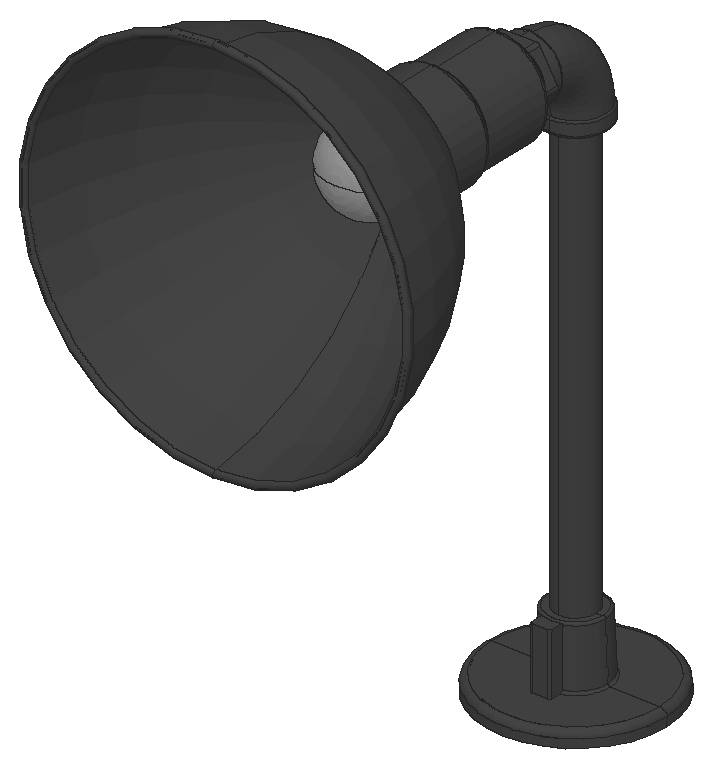
Revit family "BLE-G-DBW-G14-E26", category Lighting Fixtures, host Face, Revit 2022
Family settings
  Host = Face
  Round Connector Dimension = Use Diameter
  Part Type = Normal
  Cut with Voids When Loaded = No
  Light Source = Yes
  Maintain Annotation Orientation = No
  Shared = No
  Room Calculation Point = No
Parameters (values of type "10"")
  Wattage = 5.72229 W
  built-in parameter 1150110 = 1 (stored number, unit not read)
  built-in parameter 1114217 = 1 (stored number, unit not read)
  Tilt Angle = 0.00°
  built-in parameter 1150109 = 1 (stored number, unit not read)
  built-in parameter 1150134 = (empty or 0)
  built-in parameter 1150113 = 1 (stored number, unit not read)
  Gooseneck Material = 100 - Black
  Shade Material = 100 - Black
  Photometric Web File = "generic"
  built-in parameter 1150142 = (empty or 0)
  built-in parameter 1150105 = 67.641 (stored number, unit not read)
  Lumens = 850 lm
  built-in parameter 1150115 = 1 (stored number, unit not read)
  built-in parameter 1150137 = (empty or 0)
  built-in parameter 1150139 = (empty or 0)
  built-in parameter 1150112 = 1 (stored number, unit not read)
  built-in parameter 1150114 = 1 (stored number, unit not read)
  built-in parameter 1150132 = 2
  built-in parameter 1150102 = (empty or 0)
  built-in parameter 1150107 = 3000 (stored number, unit not read)
  built-in parameter 1150138 = (empty or 0)
  built-in parameter 1150106 = 0.67641 (stored number, unit not read)
  24" = no
  built-in parameter 1150104 = 13.8 (stored number, unit not read)
  20" = no
  Dimming Lamp Color Temperature Shift = <None>
  Default Elevation = 4' - 0"
  Color Filter = 16777215
  Base Material = 100 - Black
  built-in parameter 1114218 = 1 (stored number, unit not read)
  built-in parameter 1150133 = 10 (stored number, unit not read)
  16" = no
  14" = no
  12" = no
  10" = yes
Types (7): name | 24" | 20" | 16" | 14" | 12" | 10"
  (no name) | no | no | no | no | no | yes
  12" | no | no | no | no | yes | no
  14" | no | no | no | yes | no | no
  16" | no | no | yes | no | no | no
  10" | no | no | no | no | no | yes
  20" | no | yes | no | no | no | no
  24" | yes | no | no | no | no | no
Reference planes (in)
  plane 1 "Center (Front/Back)": y = 0
  plane 2: z = 0
  plane 3 "Center (Left/Right)": x = 0
Lines and regions (in)
  reference lines
    curve 1: line (0, 32, 0) -> (0, -36, 0)
    curve 2: line (-33.11947, 0, 0) -> (37.88053, 0, 0)
Dimensions and locks (in)
  locked: plane 1 "Center (Front/Back)" to imposter light at 6.5
  aligned and locked: plane 2 to host face
  aligned and locked: level to host face
  aligned and locked: plane 3 "Center (Left/Right)" to nested 1
  aligned and locked: plane 1 "Center (Front/Back)" to nested 1
  aligned and locked: nested 4 to imposter light
  aligned and locked: imposter light to nested 6  (x2)
  aligned and locked: nested 7 to nested 3
  aligned and locked: imposter light to plane 3 "Center (Left/Right)"
  aligned and locked: plane 1 "Center (Front/Back)" to nested 2
  aligned and locked: imposter light to nested 3  (x2)
  aligned and locked: imposter light to nested 7
  aligned and locked: nested 5 to imposter light  (x2)
Nested families (in)
  nested 1: "WBP-7501" at (0, 0, 0), type "WBP-7501"
  nested 2: "G14" at (0, 0, 1.975), type "GNK-5011"
  nested 3: "DBW Shade" at (0, -2.46318, 14.91375) x (0, 0, -1) z (0, -1, 0), type "DBW Shade"
    with 24" no, 20" no, 16" no, 14" no, 12" no
  nested 4: "103264" at (0, -3.60156, 14.91375) x (0, 0, -1) z (0, -1, 0), type "103264"
    with Heat Sink 9" no
  nested 5: "CPL-0004" at (0, -1.813, 14.91375) x (1, 0, 0) z (0, -1, 0), type "CPL-0004"
  nested 6: "E26 Socket Assy" at (0, -2.50224, 14.91375) x (0, 0, -1) z (0, -1, 0), type "E26 Socket Assy"
  nested 7: "E26 Bulb" at (0, -4.75723, 14.91375) x (1, 0, 0) z (0, -1, 0), type "E26 Bulb"
Connectors (in)
  electrical at (0, 0, 0)
    settings: index 1, voltage 0 V, apparent load 0 VA, apparent load phase1 0 VA, apparent load phase2 0 VA, apparent load phase3 0 VA, power factor 1, load classification "Other", number of poles 1, system type 31, power factor state 1, is connector primary yes, connector utility no, sub classification motor no, connector description ""
Definition of nested family "WBP-7501"
  Parameters (values of type "WBP-7501")
    Default Elevation = 3' - 0"
    Base Material = none
  Reference planes (in)
    plane 1 "Center (Front/Back)": y = 0
    plane 2: z = 0
    plane 3 "Center (Left/Right)": x = 0
    plane 4 "Base Dia": x = -2.325
    plane 5 "Base Height": z = 0.4
    plane 6 "Fillet Radius": z = 0.225
    plane 7: z = 0.458
    plane 8: x = -0.87
    plane 9: x = -0.81
    plane 10: x = -0.76
    plane 11: z = 1.917
    plane 12: z = 1.975
    plane 13: x = -0.7
    plane 14: x = -0.2595
    plane 15: x = 0.2595
    plane 16: y = -1.135
  Forms (in)
    Extrusion 1, solid
      sketch origin (0, 0, 0) x (1, 0, 0) y (0, 1, 0)
        loop
          line (-48, 48) -> (-48, -48) -> (48, -48) -> (48, 48) -> (-48, 48)
      from 0 to -12
    Revolve 2, solid, material <- "Base Material"
      sketch origin (0, 0, 0) x (1, 0, 0) y (0, 0, 1)
        loop
          line (0, 0) -> (0, 1.975) -> (-0.7, 1.975)
          arc (-0.7, 1.975) -> (-0.74172, 1.95814) -> (-0.76, 1.91702) r 0.06003
          line (-0.76, 1.91702) -> (-0.81, 0.458)
          arc (-0.81, 0.458) -> (-0.82699, 0.41699) -> (-0.868, 0.4) r 0.058
          line (-0.868, 0.4) -> (-2.15, 0.4)
          arc (-2.15, 0.4) -> (-2.27374, 0.34874) -> (-2.325, 0.225) r 0.175
          line (-2.325, 0.225) -> (-2.325, 0) -> (0, 0)
        axis (0, 0) -> (0, 1.975)
      angle from 0 to 360
    Extrusion 3, solid, material <- "Base Material"
      sketch origin (0, 0, 0) x (1, 0, 0) y (0, 1, 0)
        loop
          line (-0.2595, -0.76731) -> (-0.2595, -1.075)
          arc (-0.2595, -1.075) -> (-0.24193, -1.11743) -> (-0.1995, -1.135) r 0.06
          line (-0.1995, -1.135) -> (0.1995, -1.135)
          arc (0.1995, -1.135) -> (0.24193, -1.11743) -> (0.2595, -1.075) r 0.06
          line (0.2595, -1.075) -> (0.2595, -0.76731)
          arc (0.2595, -0.76731) -> (0, -0.81) -> (-0.2595, -0.76731) r 0.81
      from 0 to 1.975
  Cuts and joins
    joined: Revolve 2, Extrusion 3
  Dimensions and locks (in)
    plane 4 "Base Dia" to plane 3 "Center (Left/Right)" = 0' - 2.325"
    locked: plane 5 "Base Height" to Extrusion 1 at 0.4
    locked: plane 3 "Center (Left/Right)" to plane 4 "Base Dia" at 2.325
    locked: plane 5 "Base Height" to plane 6 "Fillet Radius" at 0.175
    locked: plane 3 "Center (Left/Right)" to plane 9 at 0.81
    locked: plane 3 "Center (Left/Right)" to plane 8 at 0.87
    locked: plane 3 "Center (Left/Right)" to plane 10 at 0.76
    locked: plane 3 "Center (Left/Right)" to plane 13 at 0.7
    locked: plane 11 to plane 5 "Base Height" at 1.517
    locked: plane 12 to plane 5 "Base Height" at 1.575
    locked: plane 7 to plane 5 "Base Height" at 0.058
    locked: plane 14 to plane 3 "Center (Left/Right)" at 0.2595
    locked: plane 3 "Center (Left/Right)" to plane 15 at 0.2595
    locked: plane 16 to plane 1 "Center (Front/Back)" at 1.135
    radius of Revolve 2 sketch curve = 0' - 0.175"
    aligned and locked: plane 2 to Extrusion 1
    aligned and locked: level to Extrusion 1
    aligned and locked: Revolve 2 sketch curve to plane 5 "Base Height"
    aligned and locked: plane 9 to Revolve 2 sketch curve
    aligned and locked: plane 3 "Center (Left/Right)" to Revolve 2 sketch curve
    aligned and locked: plane 15 to Extrusion 3 sketch curve
    aligned and locked: Extrusion 3 sketch curve to plane 16
    aligned and locked: Extrusion 3 sketch curve to plane 14
  Automatic sketch dimensions
    Extrusion 1 sketch curve to Extrusion 1 sketch curve = 8' - 0"  (x2)
    Revolve 2 sketch curve to level = 0' - 0"
    Revolve 2 sketch curve to plane 4 "Base Dia" = 0' - 0"
    Revolve 2 sketch curve to plane 7 = 0' - 0"  (x2)
    plane 10 to Revolve 2 sketch curve = 0' - 0"
    Revolve 2 sketch curve to plane 12 = 0' - 0"
    Revolve 2 sketch curve to plane 13 = 0' - 0"
    Revolve 2 sketch curve to plane 3 "Center (Left/Right)" = 0' - 0"
    Revolve 2 sketch curve to Revolve 2 sketch curve = 0' - 0.22742"
    Revolve 2 sketch curve to Revolve 2 sketch curve = 0' - 1.76377"
    plane 1 "Center (Front/Back)" to Extrusion 3 sketch curve = 0' - 0"
    Extrusion 3 sketch curve to plane 3 "Center (Left/Right)" = 0' - 0"
    plane 14 to Extrusion 3 sketch curve = 0' - 0.06"
    Extrusion 3 sketch curve to plane 15 = 0' - 0.06"
    Extrusion 3 sketch curve to Extrusion 3 sketch curve = 0' - 0.30769"
Definition of nested family "G14"
  Parameters (values of type "G14")
    Gooseneck Material = none
    Default Elevation = 2' - 0"
  Reference planes (in)
    plane 1 "Center (Front/Back)": y = 0
    plane 2: z = 0
    plane 3 "Center (Left/Right)": x = 0
    plane 4 "Wood Height": z = 0
  Forms (in)
    Extrusion 1, solid
      sketch origin (0, 0, 0) x (1, 0, 0) y (0, 1, 0)
        loop
          line (-48, 48) -> (-48, -48) -> (48, -48) -> (48, 48) -> (-48, 48)
      from 0 to -12
  Dimensions and locks (in)
    aligned and locked: plane 2 to Extrusion 1
    aligned and locked: level to Extrusion 1
    aligned and locked: Extrusion 1 to plane 4 "Wood Height"
    aligned and locked: plane 3 "Center (Left/Right)" to nested 1
    aligned and locked: plane 1 "Center (Front/Back)" to nested 1
    aligned and locked: plane 3 "Center (Left/Right)" to nested 2
    aligned and locked: plane 1 "Center (Front/Back)" to nested 2
  Nested families (in)
    nested 1: "GNK-7514" at (0, 0, 0), type "GNK-7514"
    nested 2: "APF-750X" at (0, 0, 11.12575) x (-1, 0, 0) z (0, 0, 1), type "APF-750X"
  Definition of nested family "GNK-7514"
    Parameters (values of type "GNK-7514")
      Gooseneck Material = none
      Default Elevation = 2' - 0"
    Reference planes (in)
      plane 1 "Center (Front/Back)": y = 0
      plane 2: z = -0.0015
      plane 3 "Center (Left/Right)": x = 0
      plane 4 "Wood Height": z = -0.0015
    Forms (in)
      Extrusion 1, solid
        sketch origin (0, 0, 0) x (1, 0, 0) y (0, 1, 0)
          loop
            line (-48, 48) -> (-48, -48) -> (48, -48) -> (48, 48) -> (-48, 48)
        from -0.0015 to -12
      Sweep 2, solid, material <- "Gooseneck Material"
        path origin (0, 0, 0) x (0, 1, 0) y (0, 0, 1)
          loop
            line (0, -0.0015) -> (0, 11.12575)
        profile origin (0, 0, 5.56212) x (0, -1, 0) y (1, 0, 0)
          loop
            circle (0, 0) r 0.52676
    Dimensions and locks (in)
      aligned and locked: plane 2 to Extrusion 1
      aligned and locked: level to Extrusion 1
      aligned and locked: Extrusion 1 to plane 4 "Wood Height"
  Definition of nested family "APF-750X"
    Parameters (values of type "APF-750X")
      Gooseneck Material = none
      Default Elevation = 2' - 0"
    Reference planes (in)
      plane 1 "Center (Front/Back)": y = 0
      plane 2: z = 0
      plane 3 "Center (Left/Right)": x = 0
      plane 4: z = 0.375
      plane 5: y = 0.8225
      plane 6: y = 1.438
      plane 7: y = 1.813
      plane 8: z = 1.813
      plane 9: z = 0.9905
      plane 10: y = 0.77
    Forms (in)
      Extrusion 1, solid
        sketch origin (0, 0, 0) x (1, 0, 0) y (0, 1, 0)
          loop
            line (-48, 48) -> (-48, -48) -> (48, -48) -> (48, 48) -> (-48, 48)
        from 0 to -12
      Revolve 2, solid, material <- "Gooseneck Material"
        sketch origin (0, 0, 0) x (0, 1, 0) y (0, 0, 1)
          loop
            line (0, 0.375) -> (0, 0) -> (0.7825, 0)
            arc (0.7825, 0) -> (0.81078, 0.01172) -> (0.8225, 0.04) r 0.04
            line (0.8225, 0.04) -> (0.8225, 0.335)
            arc (0.8225, 0.335) -> (0.81078, 0.36328) -> (0.7825, 0.375) r 0.04
            line (0.7825, 0.375) -> (0, 0.375)
          axis (0, 0.375) -> (0, 0)
        angle from 0 to 360
      Revolve 3, solid, material <- "Gooseneck Material"
        sketch origin (0, 0, 0) x (0, 1, 0) y (0, 0, 1)
          loop
            line (1.438, 1.813) -> (1.438, 1.0305)
            arc (1.438, 1.0305) -> (1.44972, 1.00222) -> (1.478, 0.9905) r 0.04
            line (1.478, 0.9905) -> (1.773, 0.9905)
            arc (1.773, 0.9905) -> (1.80128, 1.00222) -> (1.813, 1.0305) r 0.04
            line (1.813, 1.0305) -> (1.813, 1.813) -> (1.438, 1.813)
          axis (1.813, 1.813) -> (1.438, 1.813)
        angle from 0 to 360
      Sweep 4, solid, material <- "Gooseneck Material"
        path origin (0, 0, 0) x (0, 1, 0) y (0, 0, 1)
          loop
            line (0, 0) -> (0, 0.375)
            arc (0, 0.375) -> (0.42118, 1.39182) -> (1.438, 1.813) r 1.438
            line (1.438, 1.813) -> (1.813, 1.813)
        profile origin (0, 0, 0.1875) x (0, -1, 0) y (1, 0, 0)
          loop
            circle (0, 0) r 0.77
    Cuts and joins
      joined: Revolve 2, Revolve 3, Sweep 4
    Dimensions and locks (in)
      locked: plane 5 to plane 1 "Center (Front/Back)" at 0.8225
      locked: plane 4 to Extrusion 1 at 0.375
      locked: plane 7 to plane 6 at 0.375
      locked: plane 6 to plane 1 "Center (Front/Back)" at 1.438
      locked: plane 8 to plane 4 at 1.438
      locked: plane 8 to plane 9 at 0.8225
      plane 10 to plane 1 "Center (Front/Back)" = 0' - 0.77"  (x2)
      radius of Revolve 3 sketch curve = 0' - 0.04"
      aligned and locked: plane 2 to Extrusion 1
      aligned and locked: level to Extrusion 1
      aligned and locked: plane 1 "Center (Front/Back)" to Revolve 2 sketch curve
      aligned and locked: Revolve 3 sketch curve to plane 8
    Automatic sketch dimensions
      Extrusion 1 sketch curve to Extrusion 1 sketch curve = 8' - 0"  (x2)
      Revolve 2 sketch curve to plane 1 "Center (Front/Back)" = 0' - 0"
      Revolve 2 sketch curve to level = 0' - 0"
      Revolve 2 sketch curve to plane 4 = 0' - 0"
      Revolve 2 sketch curve to plane 5 = 0' - 0"
      plane 5 to Revolve 2 sketch curve = 0' - 0.04"
      Revolve 2 sketch curve to Revolve 2 sketch curve = 0' - 0.04"
      Revolve 2 sketch curve to level = 0' - 0.2686"
      plane 4 to Revolve 2 sketch curve = 0' - 0 1/4"
      Revolve 3 sketch curve to plane 5 = 0' - 0"
      Revolve 3 sketch curve to plane 6 = 0' - 0"
      Revolve 3 sketch curve to plane 9 = 0' - 0"
      Revolve 3 sketch curve to plane 7 = 0' - 0"
      Revolve 3 sketch curve to plane 8 = 0' - 0"
      plane 7 to Revolve 3 sketch curve = 0' - 0.04"
      Revolve 3 sketch curve to Revolve 3 sketch curve = 0' - 0.18003"
      Sweep 4 sketch curve to plane 6 = 0' - 0"
      Sweep 4 sketch curve to plane 7 = 0' - 0"
      Sweep 4 sketch curve to level = 0' - 0"
      Sweep 4 sketch curve to plane 4 = 0' - 0"
      Sweep 4 sketch curve to plane 8 = 0' - 0"
      Sweep 4 sketch curve to plane 3 "Center (Left/Right)" = 0' - 0"
      Sweep 4 sketch curve to profile plane = 0' - 0"
      radius of Sweep 4 sketch curve = 0' - 0.77"
Definition of nested family "DBW Shade"
  Parameters (values of type "DBW Shade")
    Shade Material = none
    Default Elevation = 2' - 0"
    24" = yes
    20" = yes
    10" = yes
    16" = yes
    14" = yes
    12" = yes
  Reference planes (in)
    plane 1 "Center (Front/Back)": y = 0
    plane 2: z = 0
    plane 3 "Center (Left/Right)": x = 0
  Forms (in)
    Extrusion 1, solid
      sketch origin (0, 0, 0) x (1, 0, 0) y (0, 1, 0)
        loop
          line (-48, 48) -> (-48, -48) -> (48, -48) -> (48, 48) -> (-48, 48)
      from 0 to -12
  Dimensions and locks (in)
    aligned and locked: plane 2 to Extrusion 1
    aligned and locked: level to Extrusion 1
    aligned and locked: plane 1 "Center (Front/Back)" to nested 1
    aligned and locked: plane 3 "Center (Left/Right)" to nested 1
    aligned and locked: plane 3 "Center (Left/Right)" to nested 2
    aligned and locked: plane 1 "Center (Front/Back)" to nested 2
    aligned and locked: plane 1 "Center (Front/Back)" to nested 3
    aligned and locked: plane 3 "Center (Left/Right)" to nested 3
    aligned and locked: plane 1 "Center (Front/Back)" to nested 4
    aligned and locked: plane 1 "Center (Front/Back)" to nested 5
    aligned and locked: plane 3 "Center (Left/Right)" to nested 5
    aligned and locked: plane 3 "Center (Left/Right)" to nested 6
    aligned and locked: plane 1 "Center (Front/Back)" to nested 6
    aligned and locked: plane 3 "Center (Left/Right)" to nested 4
  Nested families (in)
    nested 1: "SHD-0028" at (0, 0, 0), visible <- "10"", type "SHD-0028"
    nested 2: "SHD-0029" at (0, 0, 0), visible <- "12"", type "SHD-0029"
    nested 3: "SHD-0114" at (0, 0, 0), visible <- "14"", type "SHD-0114"
    nested 4: "SHD-0115" at (0, 0, 0), visible <- "16"", type "SHD-0115"
    nested 5: "SHD-0308" at (0, 0, 0), visible <- "24"", type "SHD-0308"
    nested 6: "SHD-0223" at (0, 0, 0), visible <- "20"", type "SHD-0223"
  Definition of nested family "SHD-0028"
    Parameters (values of type "SHD-0028")
      Shade Material = none
      Default Elevation = 2' - 0"
    Reference planes (in)
      plane 1 "Center (Front/Back)": y = 0
      plane 2: z = 0
      plane 3 "Center (Left/Right)": x = 0
      plane 4 "Wood Height": z = 0
      plane 5 "Nut Radius": x = -1.03713
      plane 6 "Nut Flat": x = -0.861
      plane 7 "Shade Thickness": z = 0.04
      plane 8 "Lower Shade bottom": z = 9.109
      plane 9 "Lower Shade Outer Dia": x = -5
      plane 10 "Shade Top Dia": x = -1.20713
      plane 11 "Shade Middle Radius Height1": z = 1.965
      plane 12 "Shade Lower Diameter1": x = -1.44113
      plane 13 "Shade Top Radius": x = -1.29713
      plane 14 "Shade Middle Radious Height2": z = 2.105
      plane 15 "Shade Middle Radius Diameter2": x = -1.41363
      plane 16 "Lip Height": z = 9.029
      plane 17 "Bowl Start": z = 3.545
      plane 18: x = -4.85
      plane 19: z = 9.069
    Forms (in)
      Extrusion 1, solid
        sketch origin (0, 0, 0) x (1, 0, 0) y (0, 1, 0)
          loop
            line (-48, 48) -> (-48, -48) -> (48, -48) -> (48, 48) -> (-48, 48)
        from 0 to -12
      Revolve 2, solid, material <- "Shade Material"
        sketch origin (0, 0, 0) x (1, 0, 0) y (0, 0, 1)
          loop
            line (0, 0) -> (0, 0.03906) -> (-1.20713, 0.03906)
            arc (-1.20713, 0.03906) -> (-1.24314, 0.05398) -> (-1.25806, 0.09) r 0.05094
            line (-1.25806, 0.09) -> (-1.25806, 1.94384)
            arc (-1.25806, 1.94384) -> (-1.26409, 1.97759) -> (-1.28141, 2.00717) r 0.09757
            line (-1.28141, 2.00717) -> (-1.37456, 2.11635) -> (-1.37456, 3.48096)
            arc (-1.37456, 3.48096) -> (-1.39014, 3.54099) -> (-1.43295, 3.58588) r 0.12347
            arc (-1.43295, 3.58588) -> (-3.7536, 5.90437) -> (-4.80544, 9.01154) r 7.20294
            arc (-4.80544, 9.01154) -> (-4.99326, 9.04214) -> (-4.84504, 8.9228) r 0.09841
            line (-4.84504, 8.9228) -> (-4.86619, 8.95581)
            arc (-4.86619, 8.95581) -> (-4.95809, 9.02506) -> (-4.84432, 9.00777) r 0.05934
            arc (-4.84432, 9.00777) -> (-3.78678, 5.88375) -> (-1.45354, 3.55268) r 7.242
            arc (-1.45354, 3.55268) -> (-1.42428, 3.522) -> (-1.41363, 3.48096) r 0.0844
            line (-1.41363, 3.48096) -> (-1.41363, 2.13147)
            arc (-1.41363, 2.13147) -> (-1.40868, 2.10377) -> (-1.39446, 2.07949) r 0.08009
            line (-1.39446, 2.07949) -> (-1.31112, 1.98181)
            arc (-1.31112, 1.98181) -> (-1.30074, 1.96408) -> (-1.29713, 1.94384) r 0.0585
            line (-1.29713, 1.94384) -> (-1.29713, 0.09)
            arc (-1.29713, 0.09) -> (-1.27077, 0.02636) -> (-1.20713, 0) r 0.09
            line (-1.20713, 0) -> (0, 0)
          axis (0, 9.01154) -> (0, 0)
        angle from 0 to 360
    Dimensions and locks (in)
      locked: plane 6 "Nut Flat" to plane 3 "Center (Left/Right)" at 0.861
      locked: plane 7 "Shade Thickness" to plane 4 "Wood Height" at 0.04
      locked: plane 3 "Center (Left/Right)" to plane 9 "Lower Shade Outer Dia" at 5
      locked: plane 11 "Shade Middle Radius Height1" to plane 4 "Wood Height" at 1.965
      locked: plane 14 "Shade Middle Radious Height2" to plane 4 "Wood Height" at 2.105
      locked: plane 8 "Lower Shade bottom" to plane 16 "Lip Height" at 0.08
      locked: plane 17 "Bowl Start" to plane 4 "Wood Height" at 3.545
      locked: plane 18 to plane 9 "Lower Shade Outer Dia" at 0.15
      locked: plane 8 "Lower Shade bottom" to plane 19 at 0.04
      locked: plane 8 "Lower Shade bottom" to plane 4 "Wood Height" at 9.109
      aligned and locked: plane 2 to Extrusion 1
      aligned and locked: level to Extrusion 1
      aligned and locked: plane 4 "Wood Height" to Revolve 2 sketch curve
      aligned and locked: plane 10 "Shade Top Dia" to Revolve 2 sketch curve
      aligned and locked: Revolve 2 sketch curve to plane 15 "Shade Middle Radius Diameter2"
      aligned and locked: Revolve 2 sketch curve to plane 13 "Shade Top Radius"
      aligned and locked: Extrusion 1 to plane 4 "Wood Height"
    Automatic sketch dimensions
      Extrusion 1 sketch curve to Extrusion 1 sketch curve = 8' - 0"  (x2)
      Revolve 2 sketch curve to Revolve 2 sketch curve = 0' - 0"  (x12)
      Revolve 2 sketch curve to plane 3 "Center (Left/Right)" = 0' - 0"  (x2)
      plane 18 to Revolve 2 sketch curve = 0' - 0.00496"
      Revolve 2 sketch curve to plane 18 = 0' - 0.01619"
      plane 15 "Shade Middle Radius Diameter2" to Revolve 2 sketch curve = 0' - 0.01916"
      plane 14 "Shade Middle Radious Height2" to Revolve 2 sketch curve = 0' - 0.01135"
      plane 15 "Shade Middle Radius Diameter2" to Revolve 2 sketch curve = 0' - 0 5/128"
      Revolve 2 sketch curve to plane 11 "Shade Middle Radius Height1" = 0' - 0.02116"
      plane 15 "Shade Middle Radius Diameter2" to Revolve 2 sketch curve = 0' - 0.058"
      plane 14 "Shade Middle Radious Height2" to Revolve 2 sketch curve = 0' - 0.02647"
      Revolve 2 sketch curve to plane 13 "Shade Top Radius" = 0' - 0.01572"
      Revolve 2 sketch curve to Revolve 2 sketch curve = 0' - 0 5/128"
      Revolve 2 sketch curve to plane 17 "Bowl Start" = 0' - 0.06404"
      plane 18 to Revolve 2 sketch curve = 0' - 0.00568"
      plane 17 "Bowl Start" to Revolve 2 sketch curve = 0' - 0.15101"
      Revolve 2 sketch curve to Revolve 2 sketch curve = 0' - 2.15863"
      Revolve 2 sketch curve to plane 12 "Shade Lower Diameter1" = 0' - 0.00818"
      Revolve 2 sketch curve to Revolve 2 sketch curve = 0' - 0.03888"  (x2)
      Revolve 2 sketch curve to Revolve 2 sketch curve = 0' - 0.03301"
      Revolve 2 sketch curve to Revolve 2 sketch curve = 0' - 0.02059"
      Revolve 2 sketch curve to Revolve 2 sketch curve = 0' - 0.03319"
  Definition of nested family "SHD-0029"
    Parameters (values of type "SHD-0029")
      Shade Material = none
      Default Elevation = 2' - 0"
    Reference planes (in)
      plane 1 "Center (Front/Back)": y = 0
      plane 2: z = 0
      plane 3 "Center (Left/Right)": x = 0
      plane 4 "Wood Height": z = 0
      plane 5 "Nut Radius": x = -1.03713
      plane 6 "Nut Flat": x = -0.861
      plane 7 "Shade Thickness": z = 0.04
      plane 8 "Shade Top Dia": x = -1.20713
      plane 9 "Shade Middle Radius Height1": z = 1.965
      plane 10 "Shade Lower Diameter1": x = -1.44113
      plane 11 "Shade Top Radius": x = -1.29713
      plane 12 "Shade Middle Radious Height2": z = 2.105
      plane 13 "Shade Middle Radius Diameter2": x = -1.41363
      plane 14 "Bowl Start": z = 3.545
    Forms (in)
      Extrusion 1, solid
        sketch origin (0, 0, 0) x (1, 0, 0) y (0, 1, 0)
          loop
            line (-48, 48) -> (-48, -48) -> (48, -48) -> (48, 48) -> (-48, 48)
        from 0 to -12
      Revolve 2, solid, material <- "Shade Material"
        sketch origin (0, 0, 0) x (1, 0, 0) y (0, 0, 1)
          loop
            line (0, 0) -> (0, 0.03906) -> (-1.20713, 0.03906)
            arc (-1.20713, 0.03906) -> (-1.24314, 0.05398) -> (-1.25806, 0.09) r 0.05094
            line (-1.25806, 0.09) -> (-1.25806, 1.94384)
            arc (-1.25806, 1.94384) -> (-1.26409, 1.97759) -> (-1.28141, 2.00717) r 0.09757
            line (-1.28141, 2.00717) -> (-1.37456, 2.11635) -> (-1.37456, 3.49488)
            arc (-1.37456, 3.49488) -> (-1.3856, 3.54027) -> (-1.41623, 3.57553) r 0.09889
            arc (-1.41623, 3.57553) -> (-4.2546, 6.22323) -> (-5.80711, 9.7808) r 9.56481
            arc (-5.80711, 9.7808) -> (-5.99536, 9.79563) -> (-5.84506, 9.68132) r 0.09841
            line (-5.84506, 9.68132) -> (-5.86621, 9.71432)
            arc (-5.86621, 9.71432) -> (-5.9593, 9.78052) -> (-5.84534, 9.77276) r 0.05934
            arc (-5.84534, 9.77276) -> (-4.28694, 6.2013) -> (-1.43786, 3.54296) r 9.60387
            arc (-1.43786, 3.54296) -> (-1.42003, 3.5218) -> (-1.41363, 3.49488) r 0.05982
            line (-1.41363, 3.49488) -> (-1.41363, 2.13147)
            arc (-1.41363, 2.13147) -> (-1.40868, 2.10377) -> (-1.39446, 2.07949) r 0.08009
            line (-1.39446, 2.07949) -> (-1.31112, 1.98181)
            arc (-1.31112, 1.98181) -> (-1.30074, 1.96408) -> (-1.29713, 1.94384) r 0.0585
            line (-1.29713, 1.94384) -> (-1.29713, 0.09)
            arc (-1.29713, 0.09) -> (-1.27077, 0.02636) -> (-1.20713, 0) r 0.09
            line (-1.20713, 0) -> (0, 0)
          axis (0, 9.7808) -> (0, 0)
        angle from 0 to 360
    Dimensions and locks (in)
      locked: plane 6 "Nut Flat" to plane 3 "Center (Left/Right)" at 0.861
      locked: plane 7 "Shade Thickness" to plane 4 "Wood Height" at 0.04
      locked: plane 9 "Shade Middle Radius Height1" to plane 4 "Wood Height" at 1.965
      locked: plane 12 "Shade Middle Radious Height2" to plane 4 "Wood Height" at 2.105
      locked: plane 14 "Bowl Start" to plane 4 "Wood Height" at 3.545
      aligned and locked: plane 2 to Extrusion 1
      aligned and locked: level to Extrusion 1
      aligned and locked: plane 4 "Wood Height" to Revolve 2 sketch curve
      aligned and locked: plane 8 "Shade Top Dia" to Revolve 2 sketch curve
      aligned and locked: Revolve 2 sketch curve to plane 13 "Shade Middle Radius Diameter2"
      aligned and locked: Revolve 2 sketch curve to plane 11 "Shade Top Radius"
      aligned and locked: Extrusion 1 to plane 4 "Wood Height"
    Automatic sketch dimensions
      Extrusion 1 sketch curve to Extrusion 1 sketch curve = 8' - 0"  (x2)
      Revolve 2 sketch curve to Revolve 2 sketch curve = 0' - 0"  (x15)
      Revolve 2 sketch curve to plane 3 "Center (Left/Right)" = 0' - 0"  (x2)
      plane 10 "Shade Lower Diameter1" to Revolve 2 sketch curve = 0' - 0.03232"
      Revolve 2 sketch curve to Revolve 2 sketch curve = 0' - 0.02115"
      Revolve 2 sketch curve to Revolve 2 sketch curve = 0' - 0.0372"
      plane 13 "Shade Middle Radius Diameter2" to Revolve 2 sketch curve = 0' - 0.01916"
      plane 12 "Shade Middle Radious Height2" to Revolve 2 sketch curve = 0' - 0.01135"
      plane 13 "Shade Middle Radius Diameter2" to Revolve 2 sketch curve = 0' - 0 5/128"
      Revolve 2 sketch curve to plane 9 "Shade Middle Radius Height1" = 0' - 0.02116"
      plane 13 "Shade Middle Radius Diameter2" to Revolve 2 sketch curve = 0' - 0.058"
      plane 12 "Shade Middle Radious Height2" to Revolve 2 sketch curve = 0' - 0.02647"
      Revolve 2 sketch curve to plane 11 "Shade Top Radius" = 0' - 0.01572"
      Revolve 2 sketch curve to Revolve 2 sketch curve = 0' - 0 5/128"
      Revolve 2 sketch curve to plane 14 "Bowl Start" = 0' - 0.05012"
      Revolve 2 sketch curve to Revolve 2 sketch curve = 0' - 0.03301"
      Revolve 2 sketch curve to Revolve 2 sketch curve = 0' - 0.04623"
      Revolve 2 sketch curve to plane 13 "Shade Middle Radius Diameter2" = 0' - 0.00261"
      Revolve 2 sketch curve to plane 14 "Bowl Start" = 0' - 0.00204"
      plane 14 "Bowl Start" to Revolve 2 sketch curve = 0' - 0.15101"
      Revolve 2 sketch curve to Revolve 2 sketch curve = 0' - 2.15863"
      plane 10 "Shade Lower Diameter1" to Revolve 2 sketch curve = 0' - 4.40394"
      plane 3 "Center (Left/Right)" to Revolve 2 sketch curve = 0' - 3.5532"
      plane 14 "Bowl Start" to Revolve 2 sketch curve = 0' - 6.13632"
  Definition of nested family "SHD-0114"
    Parameters (values of type "SHD-0114")
      Shade Material = none
      Default Elevation = 2' - 0"
    Reference planes (in)
      plane 1 "Center (Front/Back)": y = 0
      plane 2: z = 0
      plane 3 "Center (Left/Right)": x = 0
      plane 4 "Wood Height": z = 0
    Forms (in)
      Extrusion 1, solid
        sketch origin (0, 0, 0) x (1, 0, 0) y (0, 1, 0)
          loop
            line (-48, 48) -> (-48, -48) -> (48, -48) -> (48, 48) -> (-48, 48)
        from 0 to -12
      Revolve 2, solid, material <- "Shade Material"
        sketch origin (0, 0, 0) x (1, 0, 0) y (0, 0, 1)
          loop
            line (0, 0) -> (0, 0.03906) -> (-1.45545, 0.03906)
            arc (-1.45545, 0.03906) -> (-1.49164, 0.05405) -> (-1.50663, 0.09025) r 0.05119
            line (-1.50663, 0.09025) -> (-1.50663, 2.07228)
            arc (-1.50663, 2.07228) -> (-1.51325, 2.1034) -> (-1.53194, 2.12913) r 0.0765
            line (-1.53194, 2.12913) -> (-1.59895, 2.18946)
            arc (-1.59895, 2.18946) -> (-1.61737, 2.21483) -> (-1.62389, 2.24549) r 0.07539
            line (-1.62389, 2.24549) -> (-1.62389, 3.76049)
            arc (-1.62389, 3.76049) -> (-1.63985, 3.81863) -> (-1.68326, 3.86047) r 0.11386
            arc (-1.68326, 3.86047) -> (-5.12462, 6.95788) -> (-6.79993, 11.27416) r 9.99002
            arc (-6.79993, 11.27416) -> (-6.99505, 11.29998) -> (-6.84047, 11.17815) r 0.10205
            line (-6.84047, 11.17815) -> (-6.86365, 11.20959)
            arc (-6.86365, 11.20959) -> (-6.95906, 11.28479) -> (-6.83863, 11.26885) r 0.06299
            arc (-6.83863, 11.26885) -> (-5.15677, 6.93569) -> (-1.70196, 3.82617) r 10.02909
            arc (-1.70196, 3.82617) -> (-1.67344, 3.79868) -> (-1.66295, 3.76049) r 0.07479
            line (-1.66295, 3.76049) -> (-1.66295, 2.24549)
            arc (-1.66295, 2.24549) -> (-1.65306, 2.19894) -> (-1.62508, 2.16043) r 0.11445
            line (-1.62508, 2.16043) -> (-1.55808, 2.1001)
            arc (-1.55808, 2.1001) -> (-1.54893, 2.08751) -> (-1.54569, 2.07228) r 0.03743
            line (-1.54569, 2.07228) -> (-1.54569, 0.09025)
            arc (-1.54569, 0.09025) -> (-1.51926, 0.02643) -> (-1.45545, 0) r 0.09025
            line (-1.45545, 0) -> (0, 0)
          axis (0, 11.27416) -> (0, 0)
        angle from 0 to 360
    Dimensions and locks (in)
      aligned and locked: plane 2 to Extrusion 1
      aligned and locked: level to Extrusion 1
      aligned and locked: Extrusion 1 to plane 4 "Wood Height"
    Automatic sketch dimensions
      Extrusion 1 sketch curve to Extrusion 1 sketch curve = 8' - 0"  (x2)
      Revolve 2 sketch curve to Revolve 2 sketch curve = 0' - 0"  (x25)
      Revolve 2 sketch curve to level = 0' - 0"
      Revolve 2 sketch curve to plane 3 "Center (Left/Right)" = 0' - 0"  (x2)
      Revolve 2 sketch curve to Revolve 2 sketch curve = 0' - 0.01239"
      Revolve 2 sketch curve to Revolve 2 sketch curve = 0' - 0.07479"
      Revolve 2 sketch curve to Revolve 2 sketch curve = 0' - 0.02318"
      Revolve 2 sketch curve to Revolve 2 sketch curve = 0' - 0.03738"
      Revolve 2 sketch curve to Revolve 2 sketch curve = 0' - 0.03144"
      Revolve 2 sketch curve to Revolve 2 sketch curve = 0' - 0.0507"
      Revolve 2 sketch curve to Revolve 2 sketch curve = 0' - 0.01869"  (x2)
      Revolve 2 sketch curve to Revolve 2 sketch curve = 0' - 2.15863"
      plane 3 "Center (Left/Right)" to Revolve 2 sketch curve = 0' - 3.09734"
      Revolve 2 sketch curve to Revolve 2 sketch curve = 0' - 0.02614"
      Revolve 2 sketch curve to Revolve 2 sketch curve = 0' - 0 5/128"  (x2)
      Revolve 2 sketch curve to Revolve 2 sketch curve = 0' - 1.45545"
      Revolve 2 sketch curve to Revolve 2 sketch curve = 0' - 0.05119"
      Revolve 2 sketch curve to Revolve 2 sketch curve = 0' - 0.02531"
      Revolve 2 sketch curve to Revolve 2 sketch curve = 0' - 0.01656"
      Revolve 2 sketch curve to Revolve 2 sketch curve = 0' - 0.02505"
      Revolve 2 sketch curve to Revolve 2 sketch curve = 0' - 0.05045"
      Revolve 2 sketch curve to plane 3 "Center (Left/Right)" = 0' - 6.84047"
      Revolve 2 sketch curve to Revolve 2 sketch curve = 0' - 1.98204"
      Revolve 2 sketch curve to Revolve 2 sketch curve = 0' - 1.515"
      Revolve 2 sketch curve to Revolve 2 sketch curve = 0' - 7.41765"
      Revolve 2 sketch curve to Revolve 2 sketch curve = 0' - 0.06448"
  Definition of nested family "SHD-0115"
    Parameters (values of type "SHD-0115")
      Shade Material = none
      Default Elevation = 2' - 0"
    Reference planes (in)
      plane 1 "Center (Front/Back)": y = 0
      plane 2: z = 0
      plane 3 "Center (Left/Right)": x = 0
      plane 4 "Wood Height": z = 0
    Forms (in)
      Extrusion 1, solid
        sketch origin (0, 0, 0) x (1, 0, 0) y (0, 1, 0)
          loop
            line (-48, 48) -> (-48, -48) -> (48, -48) -> (48, 48) -> (-48, 48)
        from 0 to -12
      Revolve 2, solid, material <- "Shade Material"
        sketch origin (0, 0, 0) x (1, 0, 0) y (0, 0, 1)
          loop
            line (0, 0) -> (0, 0.03906) -> (-1.45545, 0.03906)
            arc (-1.45545, 0.03906) -> (-1.49164, 0.05405) -> (-1.50663, 0.09025) r 0.05119
            line (-1.50663, 0.09025) -> (-1.50663, 2.07228)
            arc (-1.50663, 2.07228) -> (-1.51325, 2.1034) -> (-1.53194, 2.12913) r 0.0765
            line (-1.53194, 2.12913) -> (-1.59895, 2.18946)
            arc (-1.59895, 2.18946) -> (-1.61737, 2.21483) -> (-1.62389, 2.24549) r 0.07539
            line (-1.62389, 2.24549) -> (-1.62389, 3.76049)
            arc (-1.62389, 3.76049) -> (-1.64115, 3.82076) -> (-1.6877, 3.86276) r 0.11386
            arc (-1.6877, 3.86276) -> (-5.9143, 7.51176) -> (-7.79992, 12.76759) r 10.98102
            arc (-7.79992, 12.76759) -> (-7.99459, 12.80067) -> (-7.84102, 12.67655) r 0.10205
            line (-7.84102, 12.67655) -> (-7.8642, 12.70799)
            arc (-7.8642, 12.70799) -> (-7.95899, 12.7846) -> (-7.83883, 12.76418) r 0.06299
            arc (-7.83883, 12.76418) -> (-5.94651, 7.48965) -> (-1.70487, 3.82767) r 11.02008
            arc (-1.70487, 3.82767) -> (-1.67429, 3.80009) -> (-1.66295, 3.76049) r 0.07479
            line (-1.66295, 3.76049) -> (-1.66295, 2.24549)
            arc (-1.66295, 2.24549) -> (-1.65306, 2.19894) -> (-1.62508, 2.16043) r 0.11445
            line (-1.62508, 2.16043) -> (-1.55808, 2.1001)
            arc (-1.55808, 2.1001) -> (-1.54893, 2.08751) -> (-1.54569, 2.07228) r 0.03743
            line (-1.54569, 2.07228) -> (-1.54569, 0.09025)
            arc (-1.54569, 0.09025) -> (-1.51926, 0.02643) -> (-1.45545, 0) r 0.09025
            line (-1.45545, 0) -> (0, 0)
          axis (0, 12.76759) -> (0, 0)
        angle from 0 to 360
    Dimensions and locks (in)
      aligned and locked: plane 2 to Extrusion 1
      aligned and locked: level to Extrusion 1
      aligned and locked: Extrusion 1 to plane 4 "Wood Height"
    Automatic sketch dimensions
      Extrusion 1 sketch curve to Extrusion 1 sketch curve = 8' - 0"  (x2)
      Revolve 2 sketch curve to Revolve 2 sketch curve = 0' - 0"  (x16)
      Revolve 2 sketch curve to level = 0' - 0"
      Revolve 2 sketch curve to plane 3 "Center (Left/Right)" = 0' - 0"  (x2)
      Revolve 2 sketch curve to Revolve 2 sketch curve = 0' - 1.45545"
      Revolve 2 sketch curve to plane 3 "Center (Left/Right)" = 0' - 1.50663"
      Revolve 2 sketch curve to Revolve 2 sketch curve = 0' - 0.02531"
      Revolve 2 sketch curve to Revolve 2 sketch curve = 0' - 0 5/128"
      Revolve 2 sketch curve to Revolve 2 sketch curve = 0' - 0.01656"
      Revolve 2 sketch curve to Revolve 2 sketch curve = 0' - 0.01239"
      Revolve 2 sketch curve to Revolve 2 sketch curve = 0' - 0.02505"
      Revolve 2 sketch curve to Revolve 2 sketch curve = 0' - 0.05045"
      Revolve 2 sketch curve to Revolve 2 sketch curve = 0' - 0.02494"
      Revolve 2 sketch curve to Revolve 2 sketch curve = 0' - 0.02614"
      Revolve 2 sketch curve to Revolve 2 sketch curve = 0' - 0.07479"
      Revolve 2 sketch curve to Revolve 2 sketch curve = 0' - 0.02318"
      Revolve 2 sketch curve to Revolve 2 sketch curve = 0' - 0.03738"
      plane 3 "Center (Left/Right)" to Revolve 2 sketch curve = 0' - 3.13919"
      Revolve 2 sketch curve to Revolve 2 sketch curve = 0' - 1.98204"
      Revolve 2 sketch curve to Revolve 2 sketch curve = 0' - 1.515"
      Revolve 2 sketch curve to Revolve 2 sketch curve = 0' - 0.03144"
      Revolve 2 sketch curve to Revolve 2 sketch curve = 0' - 0.0507"
      Revolve 2 sketch curve to Revolve 2 sketch curve = 0' - 1.04947"
      Revolve 2 sketch curve to Revolve 2 sketch curve = 0' - 0.03891"
      Revolve 2 sketch curve to Revolve 2 sketch curve = 0' - 0.06448"
      Revolve 2 sketch curve to Revolve 2 sketch curve = 0' - 2.15863"
  Definition of nested family "SHD-0308"
    Parameters (values of type "SHD-0308")
      Shade Material = none
      Default Elevation = 2' - 0"
    Reference planes (in)
      plane 1 "Center (Front/Back)": y = 0
      plane 2: z = 0
      plane 3 "Center (Left/Right)": x = 0
      plane 4 "Wood Height": z = 0
    Forms (in)
      Extrusion 1, solid
        sketch origin (0, 0, 0) x (1, 0, 0) y (0, 1, 0)
          loop
            line (-48, 48) -> (-48, -48) -> (48, -48) -> (48, 48) -> (-48, 48)
        from 0 to -12
      Revolve 2, solid, material <- "Shade Material"
        sketch origin (0, 0, 0) x (1, 0, 0) y (0, 0, 1)
          loop
            line (0, 0) -> (0, 0.03906) -> (-2.22237, 0.03906)
            arc (-2.22237, 0.03906) -> (-2.2742, 0.06053) -> (-2.29567, 0.11236) r 0.0733
            line (-2.29567, 0.11236) -> (-2.29567, 3.09806)
            arc (-2.29567, 3.09806) -> (-2.30835, 3.16758) -> (-2.34475, 3.22814) r 0.19691
            line (-2.34475, 3.22814) -> (-2.42725, 3.32189)
            arc (-2.42725, 3.32189) -> (-2.46224, 3.38009) -> (-2.47442, 3.4469) r 0.18923
            line (-2.47442, 3.4469) -> (-2.47442, 5.72055)
            arc (-2.47442, 5.72055) -> (-2.4994, 5.80773) -> (-2.56677, 5.86845) r 0.16462
            arc (-2.56677, 5.86845) -> (-9.0535, 11.47959) -> (-11.91654, 19.56448) r 16.76616
            arc (-11.91654, 19.56448) -> (-11.93143, 19.59499) -> (-11.96306, 19.60734) r 0.04667
            line (-11.96306, 19.60734) -> (-12.00319, 19.60734)
            arc (-12.00319, 19.60734) -> (-12.07667, 19.53386) -> (-12.00319, 19.46037) r 0.07348
            line (-12.00319, 19.46037) -> (-11.96309, 19.46037) -> (-11.96309, 19.49944) -> (-12.00319, 19.49944)
            arc (-12.00319, 19.49944) -> (-12.03761, 19.53386) -> (-12.00319, 19.56828) r 0.03442
            line (-12.00319, 19.56828) -> (-11.95604, 19.56828)
            arc (-11.95604, 19.56828) -> (-9.08774, 11.46046) -> (-2.58392, 5.83336) r 16.80523
            arc (-2.58392, 5.83336) -> (-2.53254, 5.78704) -> (-2.51348, 5.72055) r 0.12556
            line (-2.51348, 5.72055) -> (-2.51348, 3.4469)
            arc (-2.51348, 3.4469) -> (-2.49878, 3.3663) -> (-2.45658, 3.29609) r 0.22829
            line (-2.45658, 3.29609) -> (-2.37408, 3.20234)
            arc (-2.37408, 3.20234) -> (-2.34489, 3.15379) -> (-2.33473, 3.09806) r 0.15785
            line (-2.33473, 3.09806) -> (-2.33473, 0.11236)
            arc (-2.33473, 0.11236) -> (-2.30182, 0.03291) -> (-2.22237, 0) r 0.11236
            line (-2.22237, 0) -> (0, 0)
          axis (0, 19.60734) -> (0, 0)
        angle from 0 to 360
    Dimensions and locks (in)
      aligned and locked: plane 2 to Extrusion 1
      aligned and locked: level to Extrusion 1
      aligned and locked: Extrusion 1 to plane 4 "Wood Height"
    Automatic sketch dimensions
      Extrusion 1 sketch curve to Extrusion 1 sketch curve = 8' - 0"  (x2)
      Revolve 2 sketch curve to Revolve 2 sketch curve = 0' - 0"  (x24)
      Revolve 2 sketch curve to level = 0' - 0"
      Revolve 2 sketch curve to plane 3 "Center (Left/Right)" = 0' - 0"  (x2)
      Revolve 2 sketch curve to Revolve 2 sketch curve = 0' - 0.01047"
      Revolve 2 sketch curve to Revolve 2 sketch curve = 0' - 0.01002"
      Revolve 2 sketch curve to Revolve 2 sketch curve = 0' - 0.02933"  (x2)
      Revolve 2 sketch curve to Revolve 2 sketch curve = 0' - 0.04717"
      Revolve 2 sketch curve to Revolve 2 sketch curve = 0' - 0.12556"
      Revolve 2 sketch curve to Revolve 2 sketch curve = 0' - 0.00701"
      Revolve 2 sketch curve to Revolve 2 sketch curve = 0' - 0.00004"
      Revolve 2 sketch curve to Revolve 2 sketch curve = 0' - 0.04013"
      plane 3 "Center (Left/Right)" to Revolve 2 sketch curve = 0' - 4.79372"
      Revolve 2 sketch curve to Revolve 2 sketch curve = 0' - 0 5/128"  (x2)
      Revolve 2 sketch curve to Revolve 2 sketch curve = 0' - 2.9857"
      Revolve 2 sketch curve to Revolve 2 sketch curve = 0' - 2.27365"
      Revolve 2 sketch curve to Revolve 2 sketch curve = 0' - 0.03442"
      Revolve 2 sketch curve to Revolve 2 sketch curve = 0' - 0.00761"
      Revolve 2 sketch curve to Revolve 2 sketch curve = 0' - 0.24911"
      Revolve 2 sketch curve to Revolve 2 sketch curve = 0' - 2.15863"
      Revolve 2 sketch curve to Revolve 2 sketch curve = 0' - 2.22237"
      Revolve 2 sketch curve to plane 3 "Center (Left/Right)" = 0' - 2.28519"
      Revolve 2 sketch curve to plane 3 "Center (Left/Right)" = 0' - 11.95604"
      Revolve 2 sketch curve to Revolve 2 sketch curve = 1' - 1.73983"
      Revolve 2 sketch curve to Revolve 2 sketch curve = 1' - 3.07792"
  Definition of nested family "SHD-0223"
    Parameters (values of type "SHD-0223")
      Shade Material = none
      Default Elevation = 2' - 0"
    Reference planes (in)
      plane 1 "Center (Front/Back)": y = 0
      plane 2: z = 0
      plane 3 "Center (Left/Right)": x = 0
      plane 4 "Wood Height": z = 0
    Forms (in)
      Extrusion 1, solid
        sketch origin (0, 0, 0) x (1, 0, 0) y (0, 1, 0)
          loop
            line (-48, 48) -> (-48, -48) -> (48, -48) -> (48, 48) -> (-48, 48)
        from 0 to -12
      Revolve 2, solid, material <- "Shade Material"
        sketch origin (0, 0, 0) x (1, 0, 0) y (0, 0, 1)
          loop
            line (0, 0) -> (0, 0.03906) -> (-1.8485, 0.03906)
            arc (-1.8485, 0.03906) -> (-1.88896, 0.05582) -> (-1.90572, 0.09628) r 0.05722
            line (-1.90572, 0.09628) -> (-1.90572, 2.57881)
            arc (-1.90572, 2.57881) -> (-1.9168, 2.64011) -> (-1.94865, 2.69364) r 0.17504
            line (-1.94865, 2.69364) -> (-2.01787, 2.77327)
            arc (-2.01787, 2.77327) -> (-2.04498, 2.81883) -> (-2.05441, 2.871) r 0.14898
            line (-2.05441, 2.871) -> (-2.05441, 4.7663)
            arc (-2.05441, 4.7663) -> (-2.07634, 4.84285) -> (-2.13548, 4.89618) r 0.14458
            arc (-2.13548, 4.89618) -> (-7.53748, 9.56968) -> (-9.92412, 16.30223) r 13.97395
            arc (-9.92412, 16.30223) -> (-9.93712, 16.32887) -> (-9.96474, 16.33964) r 0.04076
            line (-9.96474, 16.33964) -> (-10.00281, 16.33964)
            arc (-10.00281, 16.33964) -> (-10.06432, 16.27814) -> (-10.00281, 16.21663) r 0.06151
            line (-10.00281, 16.21663) -> (-9.96563, 16.21663) -> (-9.96563, 16.25569) -> (-10.00281, 16.25569)
            arc (-10.00281, 16.25569) -> (-10.02526, 16.27814) -> (-10.00281, 16.30058) r 0.02244
            line (-10.00281, 16.30058) -> (-9.96317, 16.30058)
            arc (-9.96317, 16.30058) -> (-7.57018, 9.5483) -> (-2.15264, 4.86109) r 14.01301
            arc (-2.15264, 4.86109) -> (-2.10948, 4.82217) -> (-2.09348, 4.7663) r 0.10551
            line (-2.09348, 4.7663) -> (-2.09348, 2.871)
            arc (-2.09348, 2.871) -> (-2.08157, 2.80515) -> (-2.04735, 2.74764) r 0.18804
            line (-2.04735, 2.74764) -> (-1.97814, 2.66801)
            arc (-1.97814, 2.66801) -> (-1.95339, 2.62643) -> (-1.94478, 2.57881) r 0.13598
            line (-1.94478, 2.57881) -> (-1.94478, 0.09628)
            arc (-1.94478, 0.09628) -> (-1.91658, 0.0282) -> (-1.8485, 0) r 0.09628
            line (-1.8485, 0) -> (0, 0)
          axis (0, 16.33964) -> (0, 0)
        angle from 0 to 360
    Dimensions and locks (in)
      aligned and locked: plane 2 to Extrusion 1
      aligned and locked: level to Extrusion 1
      aligned and locked: Extrusion 1 to plane 4 "Wood Height"
    Automatic sketch dimensions
      Extrusion 1 sketch curve to Extrusion 1 sketch curve = 8' - 0"  (x2)
      Revolve 2 sketch curve to Revolve 2 sketch curve = 0' - 0"  (x24)
      Revolve 2 sketch curve to level = 0' - 0"
      Revolve 2 sketch curve to plane 3 "Center (Left/Right)" = 0' - 0"  (x2)
      Revolve 2 sketch curve to Revolve 2 sketch curve = 0' - 0.05722"
      Revolve 2 sketch curve to Revolve 2 sketch curve = 0' - 0.00387"
      Revolve 2 sketch curve to Revolve 2 sketch curve = 0' - 0.02948"  (x2)
      Revolve 2 sketch curve to Revolve 2 sketch curve = 0' - 0.06922"
      Revolve 2 sketch curve to Revolve 2 sketch curve = 0' - 0.10551"
      Revolve 2 sketch curve to Revolve 2 sketch curve = 0' - 0.00156"
      Revolve 2 sketch curve to Revolve 2 sketch curve = 0' - 0.0009"
      Revolve 2 sketch curve to Revolve 2 sketch curve = 0' - 0.03807"
      plane 3 "Center (Left/Right)" to Revolve 2 sketch curve = 0' - 4.00263"
      Revolve 2 sketch curve to Revolve 2 sketch curve = 0' - 0 5/128"  (x2)
      Revolve 2 sketch curve to Revolve 2 sketch curve = 0' - 0.02244"
      Revolve 2 sketch curve to Revolve 2 sketch curve = 0' - 0.0017"
      Revolve 2 sketch curve to Revolve 2 sketch curve = 0' - 2.15863"
      Revolve 2 sketch curve to Revolve 2 sketch curve = 0' - 11.59521"
      Revolve 2 sketch curve to Revolve 2 sketch curve = 0' - 1.8485"
      Revolve 2 sketch curve to Revolve 2 sketch curve = 0' - 0.00028"
      Revolve 2 sketch curve to plane 3 "Center (Left/Right)" = 0' - 9.96317"
      Revolve 2 sketch curve to Revolve 2 sketch curve = 0' - 2.48252"
      Revolve 2 sketch curve to Revolve 2 sketch curve = 0' - 1.89529"
      Revolve 2 sketch curve to Revolve 2 sketch curve = 0' - 11.45033"
      Revolve 2 sketch curve to Revolve 2 sketch curve = 0' - 1.11021"
Definition of nested family "CPL-0004"
  Parameters (values of type "CPL-0004")
    Coupler Material = none
    Default Elevation = 2' - 0"
  Reference planes (in)
    plane 1 "Center (Front/Back)": y = 0
    plane 2: z = 0
    plane 3 "Center (Left/Right)": x = 0
    plane 4 "Wood Height": z = 0
    plane 5: y = 0.875
    plane 6: z = 0.4
  Forms (in)
    Extrusion 1, solid
      sketch origin (0, 0, 0) x (1, 0, 0) y (0, 1, 0)
        loop
          line (-48, 48) -> (-48, -48) -> (48, -48) -> (48, 48) -> (-48, 48)
      from 0 to -12
    Extrusion 2, solid, material <- "Coupler Material"
      sketch origin (0, 0, 0) x (1, 0, 0) y (0, 1, 0)
        loop
          line (-0.54127, 0.8125) -> (-0.97428, 0.0625)
          arc (-0.97428, 0.0625) -> (-0.99103, 0) -> (-0.97428, -0.0625) r 0.125
          line (-0.97428, -0.0625) -> (-0.54127, -0.8125)
          arc (-0.54127, -0.8125) -> (-0.49551, -0.85825) -> (-0.43301, -0.875) r 0.125
          line (-0.43301, -0.875) -> (0.43301, -0.875)
          arc (0.43301, -0.875) -> (0.49551, -0.85825) -> (0.54127, -0.8125) r 0.125
          line (0.54127, -0.8125) -> (0.97428, -0.0625)
          arc (0.97428, -0.0625) -> (0.99103, 0) -> (0.97428, 0.0625) r 0.125
          line (0.97428, 0.0625) -> (0.54127, 0.8125)
          arc (0.54127, 0.8125) -> (0.49551, 0.85825) -> (0.43301, 0.875) r 0.125
          line (0.43301, 0.875) -> (-0.43301, 0.875)
          arc (-0.43301, 0.875) -> (-0.49551, 0.85825) -> (-0.54127, 0.8125) r 0.125
      from 0 to 0.4
    Revolve 3, solid, material <- "Coupler Material"
      sketch origin (0, 0, 0) x (1, 0, 0) y (0, 0, 1)
        loop
          line (0, 0.65018) -> (-1.00921, 0.65018) -> (-1.03665, 0.61971) -> (-1.02973, 0.43008)
          arc (-1.02973, 0.43008) -> (-1.02417, 0.41239) -> (-1.01036, 0.4) r 0.03506
          line (-1.01036, 0.4) -> (0, 0.4) -> (0, 0.65018)
        axis (0, 0.65018) -> (0, 0.4)
      angle from 0 to 360
  Dimensions and locks (in)
    locked: plane 5 to plane 1 "Center (Front/Back)" at 0.875
    locked: plane 6 to Extrusion 1 at 0.4
    aligned and locked: plane 2 to Extrusion 1
    aligned and locked: level to Extrusion 1
    aligned and locked: Extrusion 1 to plane 4 "Wood Height"
    aligned and locked: Revolve 3 sketch curve to plane 3 "Center (Left/Right)"
  Automatic sketch dimensions
    Extrusion 1 sketch curve to Extrusion 1 sketch curve = 8' - 0"  (x2)
    Revolve 3 sketch curve to plane 6 = 0' - 0"
    Revolve 3 sketch curve to plane 3 "Center (Left/Right)" = 0' - 0"
    plane 6 to Revolve 3 sketch curve = 0' - 0.03136"
    Revolve 3 sketch curve to plane 3 "Center (Left/Right)" = 0' - 0.99469"
    plane 6 to Revolve 3 sketch curve = 0' - 0.25018"
    Revolve 3 sketch curve to Revolve 3 sketch curve = 0' - 0.01453"
    Revolve 3 sketch curve to Revolve 3 sketch curve = 0' - 0.01568"
    plane 6 to Revolve 3 sketch curve = 0' - 0.03008"
    plane 6 to Revolve 3 sketch curve = 0' - 0.21971"
    Revolve 3 sketch curve to Revolve 3 sketch curve = 0' - 0.02744"
    Revolve 3 sketch curve to level = 0' - 0.16839"
    Revolve 3 sketch curve to Revolve 3 sketch curve = 0' - 0.1618"
    plane 1 "Center (Front/Back)" to Extrusion 2 sketch curve = 0' - 0"  (x2)
    Extrusion 2 sketch curve to plane 5 = 0' - 0"
    Extrusion 2 sketch curve to plane 1 "Center (Front/Back)" = 0' - 0 1/16"  (x2)
    plane 1 "Center (Front/Back)" to Extrusion 2 sketch curve = 0' - 0 1/16"  (x2)
    Extrusion 2 sketch curve to Extrusion 2 sketch curve = 0' - 0.10825"  (x4)
    Extrusion 2 sketch curve to plane 3 "Center (Left/Right)" = 0' - 0.54127"
    Extrusion 2 sketch curve to plane 5 = 0' - 0 1/16"  (x2)
    plane 3 "Center (Left/Right)" to Extrusion 2 sketch curve = 0' - 0.43301"  (x2)
Definition of nested family "E26 Socket Assy"
  Parameters (values of type "E26 Socket Assy")
    Shade Material = none
    Default Elevation = 2' - 0"
  Reference planes (in)
    plane 1 "Center (Front/Back)": y = 0
    plane 2: z = 0
    plane 3 "Center (Left/Right)": x = 0
    plane 4 "Wood Height": z = 0
  Forms (in)
    Extrusion 1, solid
      sketch origin (0, 0, 0) x (1, 0, 0) y (0, 1, 0)
        loop
          line (-48, 48) -> (-48, -48) -> (48, -48) -> (48, 48) -> (-48, 48)
      from 0 to -12
    Revolve 2, solid
      sketch origin (0, 0, 0) x (1, 0, 0) y (0, 0, 1)
        loop
          line (0, 0) -> (0, 2.155) -> (-0.57839, 2.155) -> (-0.67838, 2.25499) -> (-0.71769, 2.25499)
          arc (-0.71769, 2.25499) -> (-0.75193, 2.2408) -> (-0.76611, 2.20657) r 0.04842
          line (-0.76611, 2.20657) -> (-0.76611, 0.37999) -> (-1, 0.37999) -> (-0.98772, 0.02838)
          arc (-0.98772, 0.02838) -> (-0.97876, 0.00825) -> (-0.95833, 0) r 0.02941
          line (-0.95833, 0) -> (0, 0)
        axis (0, 2.25499) -> (0, 0)
      angle from 0 to 360
  Dimensions and locks (in)
    aligned and locked: plane 2 to Extrusion 1
    aligned and locked: level to Extrusion 1
    aligned and locked: Extrusion 1 to plane 4 "Wood Height"
    aligned and locked: Revolve 2 sketch curve to plane 3 "Center (Left/Right)"
  Automatic sketch dimensions
    Extrusion 1 sketch curve to Extrusion 1 sketch curve = 8' - 0"  (x2)
    Revolve 2 sketch curve to level = 0' - 0"
    Revolve 2 sketch curve to plane 3 "Center (Left/Right)" = 0' - 0"
    Revolve 2 sketch curve to plane 3 "Center (Left/Right)" = 0' - 0.67838"
    Revolve 2 sketch curve to Revolve 2 sketch curve = 0' - 0.03931"
    level to Revolve 2 sketch curve = 0' - 0.37999"
    Revolve 2 sketch curve to plane 3 "Center (Left/Right)" = 0' - 0.76611"
    level to Revolve 2 sketch curve = 0' - 0.02941"
    Revolve 2 sketch curve to Revolve 2 sketch curve = 0' - 0.19222"
    level to Revolve 2 sketch curve = 0' - 0.02838"
    Revolve 2 sketch curve to Revolve 2 sketch curve = 0' - 1.77502"
    Revolve 2 sketch curve to Revolve 2 sketch curve = 0' - 0.05156"
    Revolve 2 sketch curve to Revolve 2 sketch curve = 0' - 0.09998"
    Revolve 2 sketch curve to Revolve 2 sketch curve = 0' - 0.48108"
    Revolve 2 sketch curve to Revolve 2 sketch curve = 0' - 0.69024"
Definition of nested family "E26 Bulb"
  Parameters (values of type "E26 Bulb")
    Bulb Base Material = none
    Default Elevation = 2' - 0"
    Bulb Material = none
  Reference planes (in)
    plane 1 "Center (Front/Back)": y = 0
    plane 2: z = 0
    plane 3 "Center (Left/Right)": x = 0
  Forms (in)
    Extrusion 1, solid
      sketch origin (0, 0, -12.73852) x (1, 0, 0) y (0, 1, 0)
        loop
          line (-48, 48) -> (-48, -48) -> (48, -48) -> (48, 48) -> (-48, 48)
      from 12.73852 to 2.73852
    Revolve 2, solid, material <- "Bulb Material"
      sketch origin (0, 0, 0) x (1, 0, 0) y (0, 0, 1)
        loop
          line (0.6495, 0.207) -> (0.68866, 0.449)
          arc (0.68866, 0.449) -> (0.75312, 0.6845) -> (0.866, 0.901) r 1.14598
          line (0.866, 0.901) -> (0.9845, 1.079)
          arc (0.9845, 1.079) -> (1.04207, 2.29114) -> (0, 2.913) r 1.17993
          line (0, 2.913) -> (0, 2.87394)
          arc (0, 2.87394) -> (1.00763, 2.2727) -> (0.95199, 1.10065) r 1.14086
          line (0.95199, 1.10065) -> (0.83348, 0.92265)
          arc (0.83348, 0.92265) -> (0.71675, 0.69877) -> (0.6501, 0.45524) r 1.18505
          line (0.6501, 0.45524) -> (0.61095, 0.21328)
          arc (0.61095, 0.21328) -> (0.57321, 0.11471) -> (0.49962, 0.03904) r 0.2619
          line (0.49962, 0.03904) -> (0, 0.03904) -> (0, -0.00002) -> (0.51117, -0.00002)
          arc (0.51117, -0.00002) -> (0.60275, 0.08852) -> (0.6495, 0.207) r 0.30097
        axis (0, 2.913) -> (0, -0.00002)
      angle from 0 to 360
  Dimensions and locks (in)
    aligned and locked: plane 2 to Extrusion 1
    aligned and locked: plane 3 "Center (Left/Right)" to Revolve 2 sketch curve
    aligned and locked: Revolve 2 sketch curve to plane 3 "Center (Left/Right)"
  Automatic sketch dimensions
    Extrusion 1 sketch curve to Extrusion 1 sketch curve = 8' - 0"  (x2)
    Revolve 2 sketch curve to Revolve 2 sketch curve = 0' - 0"  (x7)
    Revolve 2 sketch curve to plane 3 "Center (Left/Right)" = 0' - 0"
    plane 3 "Center (Left/Right)" to Revolve 2 sketch curve = 0' - 0.00246"
    Revolve 2 sketch curve to level = 0' - 0"
    Revolve 2 sketch curve to Revolve 2 sketch curve = 0' - 0.03252"
    Revolve 2 sketch curve to Revolve 2 sketch curve = 0' - 0.45527"
    Revolve 2 sketch curve to Revolve 2 sketch curve = 0' - 3.34544"
    Revolve 2 sketch curve to Revolve 2 sketch curve = 0' - 0.25844"
    plane 3 "Center (Left/Right)" to Revolve 2 sketch curve = 0' - 0.3525"
    level to Revolve 2 sketch curve = 0' - 0 5/128"
    Revolve 2 sketch curve to Revolve 2 sketch curve = 0' - 0.11133"
    Revolve 2 sketch curve to Revolve 2 sketch curve = 0' - 0.01155"
    level to Revolve 2 sketch curve = 0' - 0.207"
    Revolve 2 sketch curve to Revolve 2 sketch curve = 0' - 0.03855"
    Revolve 2 sketch curve to Revolve 2 sketch curve = 0' - 0.03915"
    level to Revolve 2 sketch curve = 0' - 0.449"
    Revolve 2 sketch curve to Revolve 2 sketch curve = 0' - 0.03856"
    Revolve 2 sketch curve to Revolve 2 sketch curve = 0' - 0.14482"
    Revolve 2 sketch curve to Revolve 2 sketch curve = 0' - 0.1185"
    Revolve 2 sketch curve to Revolve 2 sketch curve = 0' - 0.03251"
    level to Revolve 2 sketch curve = 0' - 0.26594"
    Revolve 2 sketch curve to Revolve 2 sketch curve = 0' - 0.00624"
    Revolve 2 sketch curve to Revolve 2 sketch curve = 0' - 0.02165"
    Revolve 2 sketch curve to Revolve 2 sketch curve = 0' - 0.63243"
Definition of nested family "103264"
  Parameters (values of type "103264")
    Heat Sink 9" = yes
    Default Elevation = 2' - 0"
  Reference planes (in)
    plane 1 "Center (Front/Back)": y = 0
    plane 2: z = 0
    plane 3 "Center (Left/Right)": x = 0
  Forms (in)
    Extrusion 1, solid
      sketch origin (0, 0, 0) x (1, 0, 0) y (0, 1, 0)
        loop
          line (-48, 48) -> (-48, -48) -> (48, -48) -> (48, 48) -> (-48, 48)
      from 0 to -12
    Revolve 2, solid, visible <- "Heat Sink 9""
      sketch origin (0, 0, 0) x (1, 0, 0) y (0, 0, 1)
        loop
          line (0, 0) -> (0, 0.62434) -> (-1.30334, 0.62434)
          arc (-1.30334, 0.62434) -> (-1.32437, 0.63289) -> (-1.33347, 0.65368) r 0.03013
          line (-1.33347, 0.65368) -> (-1.34912, 1.25004) -> (-1.62392, 1.25004) -> (-1.62392, 0.90054) -> (-1.81218, 0.90054)
          arc (-1.81218, 0.90054) -> (-2.04769, 0.40262) -> (-2.55995, 0.20019) r 0.74937
          line (-2.55995, 0.20019) -> (-4.45232, 0.20019)
          arc (-4.45232, 0.20019) -> (-4.48531, 0.18703) -> (-4.50018, 0.15477) r 0.04793
          line (-4.50018, 0.15477) -> (-4.50191, 0.12184) -> (-4.39187, 0.01181)
          arc (-4.39187, 0.01181) -> (-4.3788, 0.00307) -> (-4.36337, 0) r 0.04031
          line (-4.36337, 0) -> (0, 0)
        axis (0, 1.25004) -> (0, 0)
      angle from 0 to 360
  Dimensions and locks (in)
    aligned and locked: plane 2 to Extrusion 1
    aligned and locked: level to Extrusion 1
    aligned and locked: Revolve 2 sketch curve to plane 3 "Center (Left/Right)"
  Automatic sketch dimensions
    Extrusion 1 sketch curve to Extrusion 1 sketch curve = 8' - 0"  (x2)
    Revolve 2 sketch curve to level = 0' - 0"
    Revolve 2 sketch curve to plane 3 "Center (Left/Right)" = 0' - 0"
    level to Revolve 2 sketch curve = 0' - 0.62434"
    Revolve 2 sketch curve to plane 3 "Center (Left/Right)" = 0' - 1.30334"
    Revolve 2 sketch curve to Revolve 2 sketch curve = 0' - 0.03012"
    Revolve 2 sketch curve to Revolve 2 sketch curve = 0' - 0.29046"
    Revolve 2 sketch curve to Revolve 2 sketch curve = 0' - 0.18826"
    level to Revolve 2 sketch curve = 0' - 0.20019"
    Revolve 2 sketch curve to Revolve 2 sketch curve = 0' - 0.74777"
    Revolve 2 sketch curve to Revolve 2 sketch curve = 0' - 1.80342"
    level to Revolve 2 sketch curve = 0' - 0.01181"
    Revolve 2 sketch curve to Revolve 2 sketch curve = 0' - 0.0285"
    Revolve 2 sketch curve to Revolve 2 sketch curve = 0' - 0.08895"
    level to Revolve 2 sketch curve = 0' - 0.15477"
    Revolve 2 sketch curve to Revolve 2 sketch curve = 0' - 0.04786"
    Revolve 2 sketch curve to Revolve 2 sketch curve = 0' - 0.24686"
    Revolve 2 sketch curve to Revolve 2 sketch curve = 0' - 0.3495"
    Revolve 2 sketch curve to Revolve 2 sketch curve = 0' - 0.27481"
    Revolve 2 sketch curve to level = 0' - 1.22145"
    Revolve 2 sketch curve to Revolve 2 sketch curve = 0' - 1.65421"
